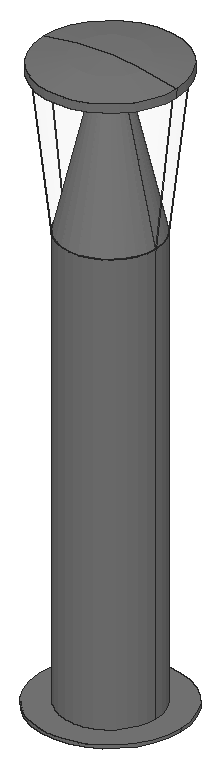
Revit family "Thorn Candle Bollard", category Lighting Fixtures, Revit 2018
Family settings
  Round Connector Dimension = Use Diameter
  Part Type = Normal
  OmniClass Number = 23.80.70.14
  OmniClass Title = Luminaries for External Lighting
  Work Plane-Based = Yes
  Always vertical = Yes
  Cut with Voids When Loaded = No
  Light Source = Yes
  Shared = No
  Room Calculation Point = No
Parameters (values of type "CN B 8L35 830")
  Width = 234 mm  # constant formula
  Wattage = 6.20027 W
  built-in parameter 1150110 = 1 (stored number, unit not read)
  Voltage = 230 V  # constant formula
  URL = "www.thornlighting.com/96679076"
  Type Comments = "© Thorn. We reserve the right to make technical changes without prior notice."  # constant formula
  built-in parameter 1114217 = 1 (stored number, unit not read)
  Tilt Angle = 90.00°
  built-in parameter 1150109 = 1 (stored number, unit not read)
  built-in parameter 1150134 = (empty or 0)
  built-in parameter 1150113 = 1 (stored number, unit not read)
  Reflector [instance] = ZG_PMMA_Opaque
  Photometric Web File = "96679076_(STD).IES"
  Model = "96679076"
  Cover [instance] = ZG_Glass-Transparent
  Manufacturer = "Thorn Lighting"  # constant formula
  built-in parameter 1150105 = 73.291 (stored number, unit not read)
  Lumens = 921 lm
  built-in parameter 1150115 = 1 (stored number, unit not read)
  built-in parameter 1150137 = (empty or 0)
  built-in parameter 1150139 = (empty or 0)
  Length = 234 mm  # constant formula
  built-in parameter 1150112 = 1 (stored number, unit not read)
  built-in parameter 1150114 = 1 (stored number, unit not read)
  Lamp = "LED"
  built-in parameter 1150132 = 2
  built-in parameter 1150102 = (empty or 0)
  built-in parameter 1150107 = 3000 (stored number, unit not read)
  built-in parameter 1150138 = (empty or 0)
  built-in parameter 1150106 = 0.73291 (stored number, unit not read)
  Height = 1017 mm  # constant formula
  Emit from Circle Diameter = 234 mm  # constant formula
  Emit Shape Visible in Rendering = no
  built-in parameter 1150104 = 13.8 (stored number, unit not read)
  Dimming Lamp Color Temperature Shift = <None>
  Description = "LED candle bollard luminaire"  # constant formula
  Default Elevation = 0 mm
  Color Filter = 16777215
  Body [instance] = ZG_Metal_Dark_Grey
  built-in parameter 1114218 = 1 (stored number, unit not read)
  built-in parameter 1150133 = 10 (stored number, unit not read)
  Apparent Load = 11 VA
Reference planes
  plane 1 "Light Source Axis (F/B)": y = 0
  plane 2: z = 0
  plane 3 "Light Source Axis (L/R)": x = 0
  plane 4 "Light Source Elevation": z = 0
  plane 5: z = 1017
  plane 6 "Lifgt Source": z = 990.156
Forms (mm)
  Extrusion 1, solid, material "ZG_Metal_Dark_Grey" <- "Body"
    sketch origin (0, 0, 0) x (1, 0, 0) y (0, 1, 0)
      loop
        circle (0, 0) r 123.5
    from 0 to 5
  Revolve 2, solid, material "ZG_Metal_Dark_Grey" <- "Body"
    sketch origin (0, 0, 0) x (1, 0, 0) y (0, 0, 1)
      loop
        line (-117, 1004.306) -> (-117, 990.156) -> (0, 990.156) -> (0, 1017)
        arc (0, 1017) -> (-58.843, 1013.817) -> (-117, 1004.306) r 545.541
      loop
        line (-80, 740) -> (-80, 5) -> (0, 5) -> (0, 740) -> (-80, 740)
      axis (0, 1017) -> (0, 5)
    angle from 0 to 360
  Revolve 3, solid, material "ZG_Metal_Dark_Grey" <- "Body"
    sketch origin (0, 0, 0) x (1, 0, 0) y (0, 0, 1)
      loop
        line (-80, 740) -> (0, 740) -> (0, 990.156) -> (-20, 990.156) -> (-80, 740)
      axis (0, 740) -> (0, 990.156)
    angle from 0 to 360
  Revolve 4, solid, material "ZG_Glass-Transparent" <- "Cover"
    sketch origin (0, 0, 0) x (1, 0, 0) y (0, 0, 1)
      loop
        line (-80, 740) -> (-108.865, 990.156) -> (-110.132, 990.156) -> (-81.267, 740) -> (-80, 740)
      axis (0, 990.156) -> (0, 740)
    angle from 0 to 360
Dimensions and locks
  locked: plane 5 to plane 6 "Lifgt Source" at 26.844
  aligned and locked: level to plane 2
  aligned and locked: plane 6 "Lifgt Source" to imposter light
Connectors
  electrical at (0, 0, 0), driven by "Voltage", driven by "Apparent Load"
    settings: on Extrusion 1, index 1, voltage 230 V, apparent load 0 VA, apparent load phase1 11 VA, apparent load phase2 0 VA, apparent load phase3 0 VA, power factor 1, load classification "Lighting", number of poles 1, system type 31, power factor state 1, is connector primary yes, connector utility no, sub classification motor no, connector description "Power"
